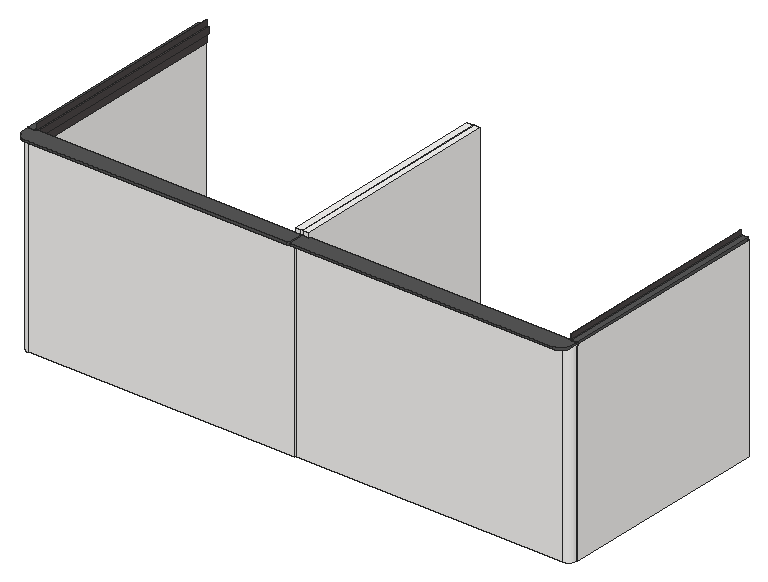
Revit family "vanity unit with 2 drawers for consoles with countertop basin ground", category Furniture, Revit 2019 (continued)
Definition of nested family "vanity unit 1560_550 with 2 drawers for consoles with countertop basin ground-54073670-dark walnut-matt_black-400_conten"
  Forms (mm)
    Extrusion 12, solid, visible <- "ContentVisible", detail levels medium+fine
      sketch origin (-1.5, 0, 0) x (0, 0, -1) y (0, 1, 0)
        loop
          line (-480, -528.5) -> (-480, -530) -> (-450, -530) -> (-450, -528.5) -> (-480, -528.5)
      from -764 to 0
    Extrusion 13, solid, visible <- "ContentVisible", detail levels medium+fine
      sketch origin (1.5, 0, 0) x (0, 0, -1) y (0, 1, 0)
        loop
          line (-480, -528.5) -> (-480, -530) -> (-450, -530) -> (-450, -528.5) -> (-480, -528.5)
      from 0 to 764
    Extrusion 14, solid, visible <- "ContentVisible", detail levels medium+fine
      sketch origin (0, 0, 0) x (1, 0, 0) y (0, 0, -1)
        loop
          line (-764, -447) -> (-764, -485) -> (-762.5, -485) -> (-762.5, -447) -> (-764, -447)
      from -528.5 to 0
    Extrusion 15, solid, visible <- "ContentVisible", detail levels medium+fine
      sketch origin (0, 0, 0) x (1, 0, 0) y (0, 0, -1)
        loop
          line (762.5, -446.8) -> (762.5, -485) -> (764, -485) -> (764, -446.8) -> (762.5, -446.8)
      from -528.5 to 0
    Extrusion 16, solid, visible <- "ContentVisible", detail levels medium+fine
      sketch origin (0, 0, 480) x (1, 0, 0) y (0, 1, 0)
        loop
          line (-780, -3) -> (-780, -527)
          arc (-780, -527) -> (-779.121, -529.121) -> (-777, -530) r 3
          line (-777, -530) -> (-764, -530) -> (-764, 0) -> (-777, 0)
          arc (-777, 0) -> (-779.121, -0.879) -> (-780, -3) r 3
      from 0 to 5
    Extrusion 17, solid, visible <- "ContentVisible", detail levels medium+fine
      sketch origin (0, 0, 480) x (1, 0, 0) y (0, 1, 0)
        loop
          line (764, 0) -> (764, -530) -> (777, -530)
          arc (777, -530) -> (779.121, -529.121) -> (780, -527) r 3
          line (780, -527) -> (780, -3)
          arc (780, -3) -> (779.121, -0.879) -> (777, 0) r 3
          line (777, 0) -> (764, 0)
      from 0 to 5
    Extrusion 18, solid, visible <- "ContentVisible", detail levels medium+fine
      sketch origin (0, 0, 0) x (1, 0, 0) y (0, 0, -1)
        loop
          line (-762.5, -447) -> (-762.5, -496) -> (-761, -496) -> (-761, -483) -> (-756.4, -483) -> (-756.4, -468.5) -> (-761, -468.5) -> (-761, -447) -> (-762.5, -447)
      from -525 to 0
    Extrusion 19, solid, visible <- "ContentVisible", detail levels medium+fine
      sketch origin (0, 0, 0) x (1, 0, 0) y (0, 0, -1)
        loop
          line (756.4, -468.5) -> (756.4, -483) -> (761, -483) -> (761, -496) -> (762.5, -496) -> (762.5, -447) -> (761, -447) -> (761, -468.5) -> (756.4, -468.5)
      from -525 to 0
    Extrusion 20, solid, visible <- "ContentVisible", detail levels medium+fine
      sketch origin (0, 0, 0) x (0, 0, -1) y (0, 1, 0)
        loop
          line (-440, -477) -> (-440, -493) -> (-366, -493) -> (-366, -477) -> (-440, -477)
      from -764 to 764
    Extrusion 21, solid, visible <- "ContentVisible", detail levels coarse
      sketch origin (0, -285.5, 0) x (1, 0, 0) y (0, 1, 0)
        loop
          line (-780, -285.5) -> (780, -285.5) -> (780, 285.5) -> (-780, 285.5) -> (-780, -285.5)
      from 0 to 496
  Dimensions and locks
    aligned and locked: level to plane 2
Definition of nested family "vanity unit 1560_550 with 2 drawers for consoles with countertop basin ground-54073700-dark walnut-matt_white-200_conten"
  Parameters (values of type "Vanity unit 1560_550 with 2 drawers for consoles with countertop basin ground-54073700-Dark Walnut-MATT_WHITE-200_Conten")
    etim7_EC011381 = "EC011381"
    WEIGHT = "49.1"
    UNSPSC = "56 | Furniture and Furnishings"
    UNIFORMATII = "E2010 | Fixed Furnishings"
    UNICLASS_2015_CODE = "40_30_78_05"
    UNICLASS2015 = "Pr_40_30_78_05 | Bathroom furniture"
    SURFACE = "MATT_WHITE"
    REGIONSET = "Worldwide"
    PRODUCTURL = "https://pro.hansgrohe.com/articledetail--54073000"
    PRODUCTGROUP = "vanity unit"
    PRODUCTFAMILY = "Xelu Q"
    PERMALINK = "54073XXX"
    OMNICLASS = "23-21 19 15 33 13 | Residential Bathroom Specialty Casework"
    OBJECTTYPE = "Object (single object)"
    OBERFLAECHE = "Dark Walnut"
    NN = "Vanity Unit with 2 Drawers for consoles with countertop basin ground"
    NBSYN = "$BASENUMBER.-$ARTNR.-$OBERFLAECHE.-$SURFACE.-$LODLEVEL."
    NB = "Vanity unit 1560/550 with 2 drawers for consoles with countertop basin ground-54073700-Dark Walnut-MATT_WHITE-200"
    NAME = "Xelu Q Vanity unit Dark Walnut 1560/550 with 2 drawers for consoles with countertop basin ground"
    Model = "Vanity unit 1560/550 with 2 drawers for consoles with countertop basin ground-54073700-Dark Walnut-MATT_WHITE-200"
    Manufacturer = "Hansgrohe"
    MASTERFORMAT = "12 35 30.23 | Bathroom Casework"
    LODLEVEL = "200"
    LINA = "Vanity unit 1560/550 with 2 drawers for consoles with countertop basin ground-54073700-Dark Walnut-MATT_WHITE-200"
    L = 1560
    IFC = "Furnishing element"
    GTINCODE = "4059625456569"
    ETIM = "EC011381 | Bathroom furniture set"
    Default Elevation = 1219.2 mm
    DESIGN = "Germany"
    ContentVisible [instance] = yes
    CATALOG = "Hansgrohe"
    BIMOBJECT = "Sanitary: Compound units"
    BASENUMBER = "Vanity unit 1560/550 with 2 drawers for consoles with countertop basin ground"
    ARTNR = "54073700"
  Reference planes
    plane 1 "Center (Front/Back)": y = 0
    plane 2: z = 0
    plane 3 "Center (Left/Right)": x = 0
  Forms (mm)
    Extrusion 1, solid, visible <- "ContentVisible", detail levels medium+fine
      sketch origin (0, 0, 0) x (1, 0, 0) y (0, 1, 0)
        loop
          line (-780, 0) -> (-780, -551) -> (780, -551) -> (780, 0) -> (764, 0) -> (764, -117) -> (-764, -117) -> (-764, 0) -> (-780, 0)
      from 0 to 480
    Extrusion 2, solid, visible <- "ContentVisible", detail levels medium+fine
      sketch origin (0, 0, 480) x (1, 0, 0) y (0, 1, 0)
        loop
          line (-778.5, -528.5) -> (-778.5, -571) -> (778.5, -571) -> (778.5, -528.5) -> (-778.5, -528.5)
      from 0 to 5
    Extrusion 3, solid, visible <- "ContentVisible", detail levels medium+fine
      sketch origin (0, 0, 0) x (1, 0, 0) y (0, 0, -1)
        loop
          line (-764, -447) -> (-764, -485) -> (-762.5, -485) -> (-762.5, -447) -> (-764, -447)
      from -528.5 to 0
    Extrusion 4, solid, visible <- "ContentVisible", detail levels medium+fine
      sketch origin (0, 0, 0) x (1, 0, 0) y (0, 0, -1)
        loop
          line (762.5, -446.8) -> (762.5, -485) -> (764, -485) -> (764, -446.8) -> (762.5, -446.8)
      from -528.5 to 0
    Extrusion 5, solid, visible <- "ContentVisible", detail levels medium+fine
      sketch origin (0, 0, 480) x (1, 0, 0) y (0, 1, 0)
        loop
          line (-780, 0) -> (-780, -530) -> (-764, -530) -> (-764, 0) -> (-780, 0)
      from 0 to 5
    Extrusion 6, solid, visible <- "ContentVisible", detail levels medium+fine
      sketch origin (0, 0, 480) x (1, 0, 0) y (0, 1, 0)
        loop
          line (764, 0) -> (764, -530) -> (780, -530) -> (780, 0) -> (764, 0)
      from 0 to 5
    Extrusion 7, solid, visible <- "ContentVisible", detail levels medium+fine
      sketch origin (0, 0, 0) x (1, 0, 0) y (0, 0, -1)
        loop
          line (-762.5, -447) -> (-762.5, -496) -> (-756.4, -496) -> (-756.4, -447) -> (-762.5, -447)
      from -528.5 to 0
    Extrusion 8, solid, visible <- "ContentVisible", detail levels medium+fine
      sketch origin (0, 0, 0) x (1, 0, 0) y (0, 0, -1)
        loop
          line (756.4, -447) -> (756.4, -496) -> (762.5, -496) -> (762.5, -447) -> (756.4, -447)
      from -528.5 to 0
    Extrusion 9, solid, visible <- "ContentVisible", detail levels coarse
      sketch origin (0, -285.5, 0) x (1, 0, 0) y (0, 1, 0)
        loop
          line (-780, -285.5) -> (780, -285.5) -> (780, 285.5) -> (-780, 285.5) -> (-780, -285.5)
      from 0 to 496
  Dimensions and locks
    aligned and locked: level to plane 2
Definition of nested family "vanity unit 1560_550 with 2 drawers for consoles with countertop basin ground-54073700-dark walnut-matt_white-400_conten"
  Parameters (values of type "Vanity unit 1560_550 with 2 drawers for consoles with countertop basin ground-54073700-Dark Walnut-MATT_WHITE-400_Conten")
    etim7_EC011381 = "EC011381"
    WEIGHT = "49.1"
    UNSPSC = "56 | Furniture and Furnishings"
    UNIFORMATII = "E2010 | Fixed Furnishings"
    UNICLASS_2015_CODE = "40_30_78_05"
    UNICLASS2015 = "Pr_40_30_78_05 | Bathroom furniture"
    SURFACE = "MATT_WHITE"
    REGIONSET = "Worldwide"
    PRODUCTURL = "https://pro.hansgrohe.com/articledetail--54073000"
    PRODUCTGROUP = "vanity unit"
    PRODUCTFAMILY = "Xelu Q"
    PERMALINK = "54073XXX"
    OMNICLASS = "23-21 19 15 33 13 | Residential Bathroom Specialty Casework"
    OBJECTTYPE = "Object (single object)"
    OBERFLAECHE = "Dark Walnut"
    NN = "Vanity Unit with 2 Drawers for consoles with countertop basin ground"
    NBSYN = "$BASENUMBER.-$ARTNR.-$OBERFLAECHE.-$SURFACE.-$LODLEVEL."
    NB = "Vanity unit 1560/550 with 2 drawers for consoles with countertop basin ground-54073700-Dark Walnut-MATT_WHITE-400"
    NAME = "Xelu Q Vanity unit Dark Walnut 1560/550 with 2 drawers for consoles with countertop basin ground"
    Model = "Vanity unit 1560/550 with 2 drawers for consoles with countertop basin ground-54073700-Dark Walnut-MATT_WHITE-400"
    Manufacturer = "Hansgrohe"
    MASTERFORMAT = "12 35 30.23 | Bathroom Casework"
    LODLEVEL = "400"
    LINA = "Vanity unit 1560/550 with 2 drawers for consoles with countertop basin ground-54073700-Dark Walnut-MATT_WHITE-400"
    L = 1560
    IFC = "Furnishing element"
    GTINCODE = "4059625456569"
    ETIM = "EC011381 | Bathroom furniture set"
    Default Elevation = 1219.2 mm
    DESIGN = "Germany"
    ContentVisible [instance] = yes
    CATALOG = "Hansgrohe"
    BIMOBJECT = "Sanitary: Compound units"
    BASENUMBER = "Vanity unit 1560/550 with 2 drawers for consoles with countertop basin ground"
    ARTNR = "54073700"
  Reference planes
    plane 1 "Center (Front/Back)": y = 0
    plane 2: z = 0
    plane 3 "Center (Left/Right)": x = 0
  Forms (mm)
    Extrusion 1, solid, visible <- "ContentVisible", detail levels medium+fine
      sketch origin (0, 0, 0) x (1, 0, 0) y (0, 1, 0)
        loop
          line (-780, 0) -> (-780, -527)
          arc (-780, -527) -> (-779.121, -529.121) -> (-777, -530) r 3
          line (-777, -530) -> (-764, -530) -> (-764, 0) -> (-780, 0)
      from 0 to 480
    Extrusion 2, solid, visible <- "ContentVisible", detail levels medium+fine
      sketch origin (0, 0, 0) x (1, 0, 0) y (0, 1, 0)
        loop
          line (-764, -133) -> (-764, -499.5) -> (-16, -499.5) -> (-16, -133) -> (-764, -133)
      from 0 to 16
    Extrusion 3, solid, visible <- "ContentVisible", detail levels medium+fine
      sketch origin (0, 0, 0) x (1, 0, 0) y (0, 1, 0)
        loop
          line (-16, 0) -> (-16, -530) -> (-3, -530)
          arc (-3, -530) -> (-0.879, -529.121) -> (0, -527) r 3
          line (0, -527) -> (0, 0) -> (-16, 0)
      from 0 to 496
    Extrusion 4, solid, visible <- "ContentVisible", detail levels medium+fine
      sketch origin (0, 0, 0) x (1, 0, 0) y (0, 1, 0)
        loop
          line (0, 0) -> (0, -527)
          arc (0, -527) -> (0.879, -529.121) -> (3, -530) r 3
          line (3, -530) -> (16, -530) -> (16, 0) -> (0, 0)
      from 0 to 496
    Extrusion 5, solid, visible <- "ContentVisible", detail levels medium+fine
      sketch origin (0, 0, 0) x (1, 0, 0) y (0, 1, 0)
        loop
          line (16, -499.5) -> (764, -499.5) -> (764, -133) -> (16, -133) -> (16, -499.5)
      from 0 to 16
    Extrusion 6, solid, visible <- "ContentVisible", detail levels medium+fine
      sketch origin (0, 0, 0) x (1, 0, 0) y (0, 1, 0)
        loop
          line (764, 0) -> (764, -530) -> (777, -530)
          arc (777, -530) -> (779.121, -529.121) -> (780, -527) r 3
          line (780, -527) -> (780, 0) -> (764, 0)
      from 0 to 480
    Extrusion 7, solid, visible <- "ContentVisible", detail levels medium+fine
      sketch origin (0, 0, 0) x (1, 0, 0) y (0, 1, 0)
        loop
          line (-764, -117) -> (-764, -133) -> (764, -133) -> (764, -117) -> (-764, -117)
      from 0 to 126
    Extrusion 8, solid, visible <- "ContentVisible", detail levels medium+fine
      sketch origin (0, 0, 2) x (1, 0, 0) y (0, 1, 0)
        loop
          arc (-780, -532) -> (-774.435, -545.435) -> (-761, -551) r 19
          line (-761, -551) -> (-2.5, -551)
          arc (-2.5, -551) -> (-1.793, -550.707) -> (-1.5, -550) r 1
          line (-1.5, -550) -> (-1.5, -530) -> (-780, -530) -> (-780, -532)
      from 0 to 478
    Extrusion 9, solid, visible <- "ContentVisible", detail levels medium+fine
      sketch origin (0, 0, 2) x (1, 0, 0) y (0, 1, 0)
        loop
          arc (1.5, -550) -> (1.793, -550.707) -> (2.5, -551) r 1
          line (2.5, -551) -> (761, -551)
          arc (761, -551) -> (774.435, -545.435) -> (780, -532) r 19
          line (780, -532) -> (780, -530) -> (1.5, -530) -> (1.5, -550)
      from 0 to 478
    Extrusion 10, solid, visible <- "ContentVisible", detail levels medium+fine
      sketch origin (0, 0, 480) x (1, 0, 0) y (0, 1, 0)
        loop
          line (-778.5, -530) -> (-778.5, -546)
          arc (-778.5, -546) -> (-771.178, -563.678) -> (-753.5, -571) r 25
          line (-753.5, -571) -> (-4.5, -571)
          arc (-4.5, -571) -> (-2.379, -570.121) -> (-1.5, -568) r 3
          line (-1.5, -568) -> (-1.5, -528.5) -> (-758.5, -528.5) -> (-758.5, -530) -> (-778.5, -530)
      from 0 to 5
    Extrusion 11, solid, visible <- "ContentVisible", detail levels medium+fine
      sketch origin (0, 0, 480) x (1, 0, 0) y (0, 1, 0)
        loop
          arc (1.5, -568) -> (2.379, -570.121) -> (4.5, -571) r 3
          line (4.5, -571) -> (753.5, -571)
          arc (753.5, -571) -> (771.178, -563.678) -> (778.5, -546) r 25
          line (778.5, -546) -> (778.5, -530) -> (758.5, -530) -> (758.5, -528.5) -> (1.5, -528.5) -> (1.5, -568)
      from 0 to 5
    Extrusion 12, solid, visible <- "ContentVisible", detail levels medium+fine
      sketch origin (-1.5, 0, 0) x (0, 0, -1) y (0, 1, 0)
        loop
          line (-480, -528.5) -> (-480, -530) -> (-450, -530) -> (-450, -528.5) -> (-480, -528.5)
      from -764 to 0
    Extrusion 13, solid, visible <- "ContentVisible", detail levels medium+fine
      sketch origin (1.5, 0, 0) x (0, 0, -1) y (0, 1, 0)
        loop
          line (-480, -528.5) -> (-480, -530) -> (-450, -530) -> (-450, -528.5) -> (-480, -528.5)
      from 0 to 764
    Extrusion 14, solid, visible <- "ContentVisible", detail levels medium+fine
      sketch origin (0, 0, 0) x (1, 0, 0) y (0, 0, -1)
        loop
          line (-764, -447) -> (-764, -485) -> (-762.5, -485) -> (-762.5, -447) -> (-764, -447)
      from -528.5 to 0
    Extrusion 15, solid, visible <- "ContentVisible", detail levels medium+fine
      sketch origin (0, 0, 0) x (1, 0, 0) y (0, 0, -1)
        loop
          line (762.5, -446.8) -> (762.5, -485) -> (764, -485) -> (764, -446.8) -> (762.5, -446.8)
      from -528.5 to 0
    Extrusion 16, solid, visible <- "ContentVisible", detail levels medium+fine
      sketch origin (0, 0, 480) x (1, 0, 0) y (0, 1, 0)
        loop
          line (-780, -3) -> (-780, -527)
          arc (-780, -527) -> (-779.121, -529.121) -> (-777, -530) r 3
          line (-777, -530) -> (-764, -530) -> (-764, 0) -> (-777, 0)
          arc (-777, 0) -> (-779.121, -0.879) -> (-780, -3) r 3
      from 0 to 5
    Extrusion 17, solid, visible <- "ContentVisible", detail levels medium+fine
      sketch origin (0, 0, 480) x (1, 0, 0) y (0, 1, 0)
        loop
          line (764, 0) -> (764, -530) -> (777, -530)
          arc (777, -530) -> (779.121, -529.121) -> (780, -527) r 3
          line (780, -527) -> (780, -3)
          arc (780, -3) -> (779.121, -0.879) -> (777, 0) r 3
          line (777, 0) -> (764, 0)
      from 0 to 5
    Extrusion 18, solid, visible <- "ContentVisible", detail levels medium+fine
      sketch origin (0, 0, 0) x (1, 0, 0) y (0, 0, -1)
        loop
          line (-762.5, -447) -> (-762.5, -496) -> (-761, -496) -> (-761, -483) -> (-756.4, -483) -> (-756.4, -468.5) -> (-761, -468.5) -> (-761, -447) -> (-762.5, -447)
      from -525 to 0
    Extrusion 19, solid, visible <- "ContentVisible", detail levels medium+fine
      sketch origin (0, 0, 0) x (1, 0, 0) y (0, 0, -1)
        loop
          line (756.4, -468.5) -> (756.4, -483) -> (761, -483) -> (761, -496) -> (762.5, -496) -> (762.5, -447) -> (761, -447) -> (761, -468.5) -> (756.4, -468.5)
      from -525 to 0
    Extrusion 20, solid, visible <- "ContentVisible", detail levels medium+fine
      sketch origin (0, 0, 0) x (0, 0, -1) y (0, 1, 0)
        loop
          line (-440, -477) -> (-440, -493) -> (-366, -493) -> (-366, -477) -> (-440, -477)
      from -764 to 764
    Extrusion 21, solid, visible <- "ContentVisible", detail levels coarse
      sketch origin (0, -285.5, 0) x (1, 0, 0) y (0, 1, 0)
        loop
          line (-780, -285.5) -> (780, -285.5) -> (780, 285.5) -> (-780, 285.5) -> (-780, -285.5)
      from 0 to 496
  Dimensions and locks
    aligned and locked: level to plane 2
Types (48, lengths in mm): name | WEIGHT | Vanity unit 1560_550 with 2 drawers for consoles with countertop basin ground-54073700-Dark Walnut-MATT_WHITE-400_RX0RY0RZ0TX0TY0TZ0_V | Vanity unit 1560_550 with 2 drawers for consoles with countertop basin ground-54073700-Dark Walnut-MATT_WHITE-200_RX0RY0RZ0TX0TY0TZ0_V | Vanity unit 1560_550 with 2 drawers for consoles with countertop basin ground-54073670-Dark Walnut-MATT_BLACK-400_RX0RY0RZ0TX0TY0TZ0_V | Vanity unit 1560_550 with 2 drawers for consoles with countertop basin ground-54073670-Dark Walnut-MATT_BLACK-200_RX0RY0RZ0TX0TY0TZ0_V | Vanity unit 1560_550 with 2 drawers for consoles with countertop basin ground-54073000-Dark Walnut-CHROME-400_RX0RY0RZ0TX0TY0TZ0_V | Vanity unit 1560_550 with 2 drawers for consoles with countertop basin ground-54073000-Dark Walnut-CHROME-200_RX0RY0RZ0TX0TY0TZ0_V | Vanity unit 1560_550 with 2 drawers for consoles with countertop basin ground-54072700-Natural Oak-MATT_WHITE-400_RX0RY0RZ0TX0TY0TZ0_V | Vanity unit 1560_550 with 2 drawers for consoles with countertop basin ground-54072700-Natural Oak-MATT_WHITE-200_RX0RY0RZ0TX0TY0TZ0_V | Vanity unit 1560_550 with 2 drawers for consoles with countertop basin ground-54072670-Natural Oak-MATT_BLACK-400_RX0RY0RZ0TX0TY0TZ0_V | Vanity unit 1560_550 with 2 drawers for consoles with countertop basin ground-54072670-Natural Oak-MATT_BLACK-200_RX0RY0RZ0TX0TY0TZ0_V | Vanity unit 1560_550 with 2 drawers for consoles with countertop basin ground-54072000-Natural Oak-CHROME-400_RX0RY0RZ0TX0TY0TZ0_V | Vanity unit 1560_550 with 2 drawers for consoles with countertop basin ground-54072000-Natural Oak-CHROME-200_RX0RY0RZ0TX0TY0TZ0_V | Vanity unit 1560_550 with 2 drawers for consoles with countertop basin ground-54071700-Diamond Matt Grey-MATT_WHITE-400_RX0RY0RZ0TX0TY0TZ0_V | Vanity unit 1560_550 with 2 drawers for consoles with countertop basin ground-54071700-Diamond Matt Grey-MATT_WHITE-200_RX0RY0RZ0TX0TY0TZ0_V | Vanity unit 1560_550 with 2 drawers for consoles with countertop basin ground-54071670-Diamond Matt Grey-MATT_BLACK-400_RX0RY0RZ0TX0TY0TZ0_V | Vanity unit 1560_550 with 2 drawers for consoles with countertop basin ground-54071670-Diamond Matt Grey-MATT_BLACK-200_RX0RY0RZ0TX0TY0TZ0_V | Vanity unit 1560_550 with 2 drawers for consoles with countertop basin ground-54071000-Diamond Matt Grey-CHROME-400_RX0RY0RZ0TX0TY0TZ0_V | Vanity unit 1560_550 with 2 drawers for consoles with countertop basin ground-54071000-Diamond Matt Grey-CHROME-200_RX0RY0RZ0TX0TY0TZ0_V | Vanity unit 1560_550 with 2 drawers for consoles with countertop basin ground-54070700-High Gloss White-MATT_WHITE-400_RX0RY0RZ0TX0TY0TZ0_V | Vanity unit 1560_550 with 2 drawers for consoles with countertop basin ground-54070700-High Gloss White-MATT_WHITE-200_RX0RY0RZ0TX0TY0TZ0_V | Vanity unit 1560_550 with 2 drawers for consoles with countertop basin ground-54070670-High Gloss White-MATT_BLACK-400_RX0RY0RZ0TX0TY0TZ0_V | Vanity unit 1560_550 with 2 drawers for consoles with countertop basin ground-54070670-High Gloss White-MATT_BLACK-200_RX0RY0RZ0TX0TY0TZ0_V | Vanity unit 1560_550 with 2 drawers for consoles with countertop basin ground-54070000-High Gloss White-CHROME-400_RX0RY0RZ0TX0TY0TZ0_V | Vanity unit 1560_550 with 2 drawers for consoles with countertop basin ground-54070000-High Gloss White-CHROME-200_RX0RY0RZ0TX0TY0TZ0_V | Vanity unit 1360_550 with 2 drawers for consoles with countertop basin ground-54069700-Dark Walnut-MATT_WHITE-400_RX0RY0RZ0TX0TY0TZ0_V | Vanity unit 1360_550 with 2 drawers for consoles with countertop basin ground-54069700-Dark Walnut-MATT_WHITE-200_RX0RY0RZ0TX0TY0TZ0_V | Vanity unit 1360_550 with 2 drawers for consoles with countertop basin ground-54069670-Dark Walnut-MATT_BLACK-400_RX0RY0RZ0TX0TY0TZ0_V | Vanity unit 1360_550 with 2 drawers for consoles with countertop basin ground-54069670-Dark Walnut-MATT_BLACK-200_RX0RY0RZ0TX0TY0TZ0_V | Vanity unit 1360_550 with 2 drawers for consoles with countertop basin ground-54069000-Dark Walnut-CHROME-400_RX0RY0RZ0TX0TY0TZ0_V | Vanity unit 1360_550 with 2 drawers for consoles with countertop basin ground-54069000-Dark Walnut-CHROME-200_RX0RY0RZ0TX0TY0TZ0_V | Vanity unit 1360_550 with 2 drawers for consoles with countertop basin ground-54068700-Natural Oak-MATT_WHITE-400_RX0RY0RZ0TX0TY0TZ0_V | Vanity unit 1360_550 with 2 drawers for consoles with countertop basin ground-54068700-Natural Oak-MATT_WHITE-200_RX0RY0RZ0TX0TY0TZ0_V | Vanity unit 1360_550 with 2 drawers for consoles with countertop basin ground-54068670-Natural Oak-MATT_BLACK-400_RX0RY0RZ0TX0TY0TZ0_V | Vanity unit 1360_550 with 2 drawers for consoles with countertop basin ground-54068670-Natural Oak-MATT_BLACK-200_RX0RY0RZ0TX0TY0TZ0_V | Vanity unit 1360_550 with 2 drawers for consoles with countertop basin ground-54068000-Natural Oak-CHROME-400_RX0RY0RZ0TX0TY0TZ0_V | Vanity unit 1360_550 with 2 drawers for consoles with countertop basin ground-54068000-Natural Oak-CHROME-200_RX0RY0RZ0TX0TY0TZ0_V | Vanity unit 1360_550 with 2 drawers for consoles with countertop basin ground-54067700-Diamond Matt Grey-MATT_WHITE-400_RX0RY0RZ0TX0TY0TZ0_V | Vanity unit 1360_550 with 2 drawers for consoles with countertop basin ground-54067700-Diamond Matt Grey-MATT_WHITE-200_RX0RY0RZ0TX0TY0TZ0_V | Vanity unit 1360_550 with 2 drawers for consoles with countertop basin ground-54067670-Diamond Matt Grey-MATT_BLACK-400_RX0RY0RZ0TX0TY0TZ0_V | Vanity unit 1360_550 with 2 drawers for consoles with countertop basin ground-54067670-Diamond Matt Grey-MATT_BLACK-200_RX0RY0RZ0TX0TY0TZ0_V | Vanity unit 1360_550 with 2 drawers for consoles with countertop basin ground-54067000-Diamond Matt Grey-CHROME-400_RX0RY0RZ0TX0TY0TZ0_V | Vanity unit 1360_550 with 2 drawers for consoles with countertop basin ground-54067000-Diamond Matt Grey-CHROME-200_RX0RY0RZ0TX0TY0TZ0_V | Vanity unit 1360_550 with 2 drawers for consoles with countertop basin ground-54066700-High Gloss White-MATT_WHITE-400_RX0RY0RZ0TX0TY0TZ0_V | Vanity unit 1360_550 with 2 drawers for consoles with countertop basin ground-54066700-High Gloss White-MATT_WHITE-200_RX0RY0RZ0TX0TY0TZ0_V | Vanity unit 1360_550 with 2 drawers for consoles with countertop basin ground-54066670-High Gloss White-MATT_BLACK-400_RX0RY0RZ0TX0TY0TZ0_V | Vanity unit 1360_550 with 2 drawers for consoles with countertop basin ground-54066670-High Gloss White-MATT_BLACK-200_RX0RY0RZ0TX0TY0TZ0_V | Vanity unit 1360_550 with 2 drawers for consoles with countertop basin ground-54066000-High Gloss White-CHROME-400_RX0RY0RZ0TX0TY0TZ0_V | Vanity unit 1360_550 with 2 drawers for consoles with countertop basin ground-54066000-High Gloss White-CHROME-200_RX0RY0RZ0TX0TY0TZ0_V | SURFACE | PRODUCTURL | PERMALINK | OBERFLAECHE | NB | NAME | Model | MIdent | LODLEVEL | LINA | L | GTINCODE | BASENUMBER | ARTNR
  Vanity unit 1360_550 with 2 drawers for consoles with countertop basin ground-54066000-High Gloss White-CHROME-200 | "45.1" | no | no | no | no | no | no | no | no | no | no | no | no | no | no | no | no | no | no | no | no | no | no | no | no | no | no | no | no | no | no | no | no | no | no | no | no | no | no | no | no | no | no | no | no | no | no | no | yes | "CHROME" | "https://pro.hansgrohe.com/articledetail--54066000" | "54066XXX" | "High Gloss White" | "Vanity unit 1360/550 with 2 drawers for consoles with countertop basin ground-54066000-High Gloss White-CHROME-200" | "Xelu Q Vanity unit High Gloss White 1360/550 with 2 drawers for consoles with countertop basin ground" | "Vanity unit 1360/550 with 2 drawers for consoles with countertop basin ground-54066000-High Gloss White-CHROME-200" | "{$CADENAS_DATA/23d-libs/hansgrohe/xelu_furniture/vanity_unit_with_2_drawers_for_consoles_countertop/vanity_unit_2_drawers_for_consoles_countertop.prj},438 {VTYP=3D},{NB=Vanity unit 1360/550 with 2 drawers for consoles with countertop basin ground-54066000-High Gloss White-CHROME-200},{LINA=Vanity unit 1360/550 with 2 drawers for consoles with countertop basin ground-54066000-High Gloss White-CHROME-200},{NN=Vanity Unit with 2 Drawers for consoles with countertop basin ground},{DATE=13.03.2023 02:42:47},{GEOMDATE=08.03.2023 14:02:26},{VERSION=},{LINEID=30},{WBVAR=LODLEVEL},{WBNUMERIC=}  {NB=Vanity unit 1360/550 with 2 drawers for consoles with countertop basin ground-54066000-High Gloss White-CHROME-200},{LINA=Vanity unit 1360/550 with 2 drawers for consoles with countertop basin ground-54066000-High Gloss White-CHROME-200},{KT=DUMMY},{IDNR=3},{ARTNR=54066000},{BASENUMBER=Vanity unit 1360/550 with 2 drawers for consoles with countertop basin ground},{MODEL=54066XXX},{OBERFLAECHE=High Gloss White},{SURFACE=CHROME},{L=1360},{LODLEVEL=200},{LODLEVELX='400','400','200','200'},{NAME=Xelu Q Vanity unit High Gloss White 1360/550 with 2 drawers for consoles with countertop basin ground},{PERMALINK=54066XXX},{OBJECTTYPE=Object (single object)},{BIMOBJECT=Sanitary: Compound units},{PRODUCTFAMILY=Xelu Q},{PRODUCTGROUP=vanity unit},{WEIGHT=45.1},{DESCRIPTION=Xelu Q Vanity unit High Gloss White 1360/550 with 2 drawers for consoles with countertop basin ground},{SPECIFICATION=},{PRODUCTURL=https://pro.hansgrohe.com/articledetail--54066000},{GTINCODE=4059625456378},{TENDERURL=},{IFC=Furnishing element},{ETIM=EC011381 | Bathroom furniture set},{UNICLASS2015=Pr_40_30_78_05 | Bathroom furniture},{OMNICLASS=23-21 19 15 33 13 | Residential Bathroom Specialty Casework},{MASTERFORMAT=12 35 30.23 | Bathroom Casework},{UNSPSC=56 | Furniture and Furnishings},{UNIFORMATII=E2010 | Fixed Furnishings},{REGIONSET=Worldwide},{DESIGN=Germany},{MANUFACTURER=Germany}" | "200" | "Vanity unit 1360/550 with 2 drawers for consoles with countertop basin ground-54066000-High Gloss White-CHROME-200" | 1360 | "4059625456378" | "Vanity unit 1360/550 with 2 drawers for consoles with countertop basin ground" | "54066000"
  Vanity unit 1360_550 with 2 drawers for consoles with countertop basin ground-54066000-High Gloss White-CHROME-400 | "45.1" | no | no | no | no | no | no | no | no | no | no | no | no | no | no | no | no | no | no | no | no | no | no | no | no | no | no | no | no | no | no | no | no | no | no | no | no | no | no | no | no | no | no | no | no | no | no | yes | no | "CHROME" | "https://pro.hansgrohe.com/articledetail--54066000" | "54066XXX" | "High Gloss White" | "Vanity unit 1360/550 with 2 drawers for consoles with countertop basin ground-54066000-High Gloss White-CHROME-400" | "Xelu Q Vanity unit High Gloss White 1360/550 with 2 drawers for consoles with countertop basin ground" | "Vanity unit 1360/550 with 2 drawers for consoles with countertop basin ground-54066000-High Gloss White-CHROME-400" | "{$CADENAS_DATA/23d-libs/hansgrohe/xelu_furniture/vanity_unit_with_2_drawers_for_consoles_countertop/vanity_unit_2_drawers_for_consoles_countertop.prj},438 {VTYP=3D},{NB=Vanity unit 1360/550 with 2 drawers for consoles with countertop basin ground-54066000-High Gloss White-CHROME-400},{LINA=Vanity unit 1360/550 with 2 drawers for consoles with countertop basin ground-54066000-High Gloss White-CHROME-400},{NN=Vanity Unit with 2 Drawers for consoles with countertop basin ground},{DATE=13.03.2023 02:42:47},{GEOMDATE=08.03.2023 14:02:26},{VERSION=},{LINEID=30},{WBVAR=LODLEVEL},{WBNUMERIC=}  {NB=Vanity unit 1360/550 with 2 drawers for consoles with countertop basin ground-54066000-High Gloss White-CHROME-400},{LINA=Vanity unit 1360/550 with 2 drawers for consoles with countertop basin ground-54066000-High Gloss White-CHROME-400},{KT=DUMMY},{IDNR=3},{ARTNR=54066000},{BASENUMBER=Vanity unit 1360/550 with 2 drawers for consoles with countertop basin ground},{MODEL=54066XXX},{OBERFLAECHE=High Gloss White},{SURFACE=CHROME},{L=1360},{LODLEVEL=400},{LODLEVELX='400','400','200','200'},{NAME=Xelu Q Vanity unit High Gloss White 1360/550 with 2 drawers for consoles with countertop basin ground},{PERMALINK=54066XXX},{OBJECTTYPE=Object (single object)},{BIMOBJECT=Sanitary: Compound units},{PRODUCTFAMILY=Xelu Q},{PRODUCTGROUP=vanity unit},{WEIGHT=45.1},{DESCRIPTION=Xelu Q Vanity unit High Gloss White 1360/550 with 2 drawers for consoles with countertop basin ground},{SPECIFICATION=},{PRODUCTURL=https://pro.hansgrohe.com/articledetail--54066000},{GTINCODE=4059625456378},{TENDERURL=},{IFC=Furnishing element},{ETIM=EC011381 | Bathroom furniture set},{UNICLASS2015=Pr_40_30_78_05 | Bathroom furniture},{OMNICLASS=23-21 19 15 33 13 | Residential Bathroom Specialty Casework},{MASTERFORMAT=12 35 30.23 | Bathroom Casework},{UNSPSC=56 | Furniture and Furnishings},{UNIFORMATII=E2010 | Fixed Furnishings},{REGIONSET=Worldwide},{DESIGN=Germany},{MANUFACTURER=Germany}" | "400" | "Vanity unit 1360/550 with 2 drawers for consoles with countertop basin ground-54066000-High Gloss White-CHROME-400" | 1360 | "4059625456378" | "Vanity unit 1360/550 with 2 drawers for consoles with countertop basin ground" | "54066000"
  Vanity unit 1360_550 with 2 drawers for consoles with countertop basin ground-54066670-High Gloss White-MATT_BLACK-200 | "45.1" | no | no | no | no | no | no | no | no | no | no | no | no | no | no | no | no | no | no | no | no | no | no | no | no | no | no | no | no | no | no | no | no | no | no | no | no | no | no | no | no | no | no | no | no | no | yes | no | no | "MATT_BLACK" | "https://pro.hansgrohe.com/articledetail--54066000" | "54066XXX" | "High Gloss White" | "Vanity unit 1360/550 with 2 drawers for consoles with countertop basin ground-54066670-High Gloss White-MATT_BLACK-200" | "Xelu Q Vanity unit High Gloss White 1360/550 with 2 drawers for consoles with countertop basin ground" | "Vanity unit 1360/550 with 2 drawers for consoles with countertop basin ground-54066670-High Gloss White-MATT_BLACK-200" | "{$CADENAS_DATA/23d-libs/hansgrohe/xelu_furniture/vanity_unit_with_2_drawers_for_consoles_countertop/vanity_unit_2_drawers_for_consoles_countertop.prj},446 {VTYP=3D},{NB=Vanity unit 1360/550 with 2 drawers for consoles with countertop basin ground-54066670-High Gloss White-MATT_BLACK-200},{LINA=Vanity unit 1360/550 with 2 drawers for consoles with countertop basin ground-54066670-High Gloss White-MATT_BLACK-200},{NN=Vanity Unit with 2 Drawers for consoles with countertop basin ground},{DATE=13.03.2023 02:42:47},{GEOMDATE=08.03.2023 14:02:26},{VERSION=},{LINEID=20},{WBVAR=LODLEVEL},{WBNUMERIC=}  {NB=Vanity unit 1360/550 with 2 drawers for consoles with countertop basin ground-54066670-High Gloss White-MATT_BLACK-200},{LINA=Vanity unit 1360/550 with 2 drawers for consoles with countertop basin ground-54066670-High Gloss White-MATT_BLACK-200},{KT=DUMMY},{IDNR=2},{ARTNR=54066670},{BASENUMBER=Vanity unit 1360/550 with 2 drawers for consoles with countertop basin ground},{MODEL=54066XXX},{OBERFLAECHE=High Gloss White},{SURFACE=MATT_BLACK},{L=1360},{LODLEVEL=200},{LODLEVELX='400','400','200','200'},{NAME=Xelu Q Vanity unit High Gloss White 1360/550 with 2 drawers for consoles with countertop basin ground},{PERMALINK=54066XXX},{OBJECTTYPE=Object (single object)},{BIMOBJECT=Sanitary: Compound units},{PRODUCTFAMILY=Xelu Q},{PRODUCTGROUP=vanity unit},{WEIGHT=45.1},{DESCRIPTION=Xelu Q Vanity unit High Gloss White 1360/550 with 2 drawers for consoles with countertop basin ground},{SPECIFICATION=},{PRODUCTURL=https://pro.hansgrohe.com/articledetail--54066000},{GTINCODE=4059625456378},{TENDERURL=},{IFC=Furnishing element},{ETIM=EC011381 | Bathroom furniture set},{UNICLASS2015=Pr_40_30_78_05 | Bathroom furniture},{OMNICLASS=23-21 19 15 33 13 | Residential Bathroom Specialty Casework},{MASTERFORMAT=12 35 30.23 | Bathroom Casework},{UNSPSC=56 | Furniture and Furnishings},{UNIFORMATII=E2010 | Fixed Furnishings},{REGIONSET=Worldwide},{DESIGN=Germany},{MANUFACTURER=Germany}" | "200" | "Vanity unit 1360/550 with 2 drawers for consoles with countertop basin ground-54066670-High Gloss White-MATT_BLACK-200" | 1360 | "4059625456378" | "Vanity unit 1360/550 with 2 drawers for consoles with countertop basin ground" | "54066670"
  Vanity unit 1360_550 with 2 drawers for consoles with countertop basin ground-54066670-High Gloss White-MATT_BLACK-400 | "45.1" | no | no | no | no | no | no | no | no | no | no | no | no | no | no | no | no | no | no | no | no | no | no | no | no | no | no | no | no | no | no | no | no | no | no | no | no | no | no | no | no | no | no | no | no | yes | no | no | no | "MATT_BLACK" | "https://pro.hansgrohe.com/articledetail--54066000" | "54066XXX" | "High Gloss White" | "Vanity unit 1360/550 with 2 drawers for consoles with countertop basin ground-54066670-High Gloss White-MATT_BLACK-400" | "Xelu Q Vanity unit High Gloss White 1360/550 with 2 drawers for consoles with countertop basin ground" | "Vanity unit 1360/550 with 2 drawers for consoles with countertop basin ground-54066670-High Gloss White-MATT_BLACK-400" | "{$CADENAS_DATA/23d-libs/hansgrohe/xelu_furniture/vanity_unit_with_2_drawers_for_consoles_countertop/vanity_unit_2_drawers_for_consoles_countertop.prj},446 {VTYP=3D},{NB=Vanity unit 1360/550 with 2 drawers for consoles with countertop basin ground-54066670-High Gloss White-MATT_BLACK-400},{LINA=Vanity unit 1360/550 with 2 drawers for consoles with countertop basin ground-54066670-High Gloss White-MATT_BLACK-400},{NN=Vanity Unit with 2 Drawers for consoles with countertop basin ground},{DATE=13.03.2023 02:42:47},{GEOMDATE=08.03.2023 14:02:26},{VERSION=},{LINEID=20},{WBVAR=LODLEVEL},{WBNUMERIC=}  {NB=Vanity unit 1360/550 with 2 drawers for consoles with countertop basin ground-54066670-High Gloss White-MATT_BLACK-400},{LINA=Vanity unit 1360/550 with 2 drawers for consoles with countertop basin ground-54066670-High Gloss White-MATT_BLACK-400},{KT=DUMMY},{IDNR=2},{ARTNR=54066670},{BASENUMBER=Vanity unit 1360/550 with 2 drawers for consoles with countertop basin ground},{MODEL=54066XXX},{OBERFLAECHE=High Gloss White},{SURFACE=MATT_BLACK},{L=1360},{LODLEVEL=400},{LODLEVELX='400','400','200','200'},{NAME=Xelu Q Vanity unit High Gloss White 1360/550 with 2 drawers for consoles with countertop basin ground},{PERMALINK=54066XXX},{OBJECTTYPE=Object (single object)},{BIMOBJECT=Sanitary: Compound units},{PRODUCTFAMILY=Xelu Q},{PRODUCTGROUP=vanity unit},{WEIGHT=45.1},{DESCRIPTION=Xelu Q Vanity unit High Gloss White 1360/550 with 2 drawers for consoles with countertop basin ground},{SPECIFICATION=},{PRODUCTURL=https://pro.hansgrohe.com/articledetail--54066000},{GTINCODE=4059625456378},{TENDERURL=},{IFC=Furnishing element},{ETIM=EC011381 | Bathroom furniture set},{UNICLASS2015=Pr_40_30_78_05 | Bathroom furniture},{OMNICLASS=23-21 19 15 33 13 | Residential Bathroom Specialty Casework},{MASTERFORMAT=12 35 30.23 | Bathroom Casework},{UNSPSC=56 | Furniture and Furnishings},{UNIFORMATII=E2010 | Fixed Furnishings},{REGIONSET=Worldwide},{DESIGN=Germany},{MANUFACTURER=Germany}" | "400" | "Vanity unit 1360/550 with 2 drawers for consoles with countertop basin ground-54066670-High Gloss White-MATT_BLACK-400" | 1360 | "4059625456378" | "Vanity unit 1360/550 with 2 drawers for consoles with countertop basin ground" | "54066670"
  Vanity unit 1360_550 with 2 drawers for consoles with countertop basin ground-54066700-High Gloss White-MATT_WHITE-200 | "45.1" | no | no | no | no | no | no | no | no | no | no | no | no | no | no | no | no | no | no | no | no | no | no | no | no | no | no | no | no | no | no | no | no | no | no | no | no | no | no | no | no | no | no | no | yes | no | no | no | no | "MATT_WHITE" | "https://pro.hansgrohe.com/articledetail--54066000" | "54066XXX" | "High Gloss White" | "Vanity unit 1360/550 with 2 drawers for consoles with countertop basin ground-54066700-High Gloss White-MATT_WHITE-200" | "Xelu Q Vanity unit High Gloss White 1360/550 with 2 drawers for consoles with countertop basin ground" | "Vanity unit 1360/550 with 2 drawers for consoles with countertop basin ground-54066700-High Gloss White-MATT_WHITE-200" | "{$CADENAS_DATA/23d-libs/hansgrohe/xelu_furniture/vanity_unit_with_2_drawers_for_consoles_countertop/vanity_unit_2_drawers_for_consoles_countertop.prj},446 {VTYP=3D},{NB=Vanity unit 1360/550 with 2 drawers for consoles with countertop basin ground-54066700-High Gloss White-MATT_WHITE-200},{LINA=Vanity unit 1360/550 with 2 drawers for consoles with countertop basin ground-54066700-High Gloss White-MATT_WHITE-200},{NN=Vanity Unit with 2 Drawers for consoles with countertop basin ground},{DATE=13.03.2023 02:42:47},{GEOMDATE=08.03.2023 14:02:26},{VERSION=},{LINEID=10},{WBVAR=LODLEVEL},{WBNUMERIC=}  {NB=Vanity unit 1360/550 with 2 drawers for consoles with countertop basin ground-54066700-High Gloss White-MATT_WHITE-200},{LINA=Vanity unit 1360/550 with 2 drawers for consoles with countertop basin ground-54066700-High Gloss White-MATT_WHITE-200},{KT=DUMMY},{IDNR=1},{ARTNR=54066700},{BASENUMBER=Vanity unit 1360/550 with 2 drawers for consoles with countertop basin ground},{MODEL=54066XXX},{OBERFLAECHE=High Gloss White},{SURFACE=MATT_WHITE},{L=1360},{LODLEVEL=200},{LODLEVELX='400','400','200','200'},{NAME=Xelu Q Vanity unit High Gloss White 1360/550 with 2 drawers for consoles with countertop basin ground},{PERMALINK=54066XXX},{OBJECTTYPE=Object (single object)},{BIMOBJECT=Sanitary: Compound units},{PRODUCTFAMILY=Xelu Q},{PRODUCTGROUP=vanity unit},{WEIGHT=45.1},{DESCRIPTION=Xelu Q Vanity unit High Gloss White 1360/550 with 2 drawers for consoles with countertop basin ground},{SPECIFICATION=},{PRODUCTURL=https://pro.hansgrohe.com/articledetail--54066000},{GTINCODE=4059625456378},{TENDERURL=},{IFC=Furnishing element},{ETIM=EC011381 | Bathroom furniture set},{UNICLASS2015=Pr_40_30_78_05 | Bathroom furniture},{OMNICLASS=23-21 19 15 33 13 | Residential Bathroom Specialty Casework},{MASTERFORMAT=12 35 30.23 | Bathroom Casework},{UNSPSC=56 | Furniture and Furnishings},{UNIFORMATII=E2010 | Fixed Furnishings},{REGIONSET=Worldwide},{DESIGN=Germany},{MANUFACTURER=Germany}" | "200" | "Vanity unit 1360/550 with 2 drawers for consoles with countertop basin ground-54066700-High Gloss White-MATT_WHITE-200" | 1360 | "4059625456378" | "Vanity unit 1360/550 with 2 drawers for consoles with countertop basin ground" | "54066700"
  Vanity unit 1360_550 with 2 drawers for consoles with countertop basin ground-54066700-High Gloss White-MATT_WHITE-400 | "45.1" | no | no | no | no | no | no | no | no | no | no | no | no | no | no | no | no | no | no | no | no | no | no | no | no | no | no | no | no | no | no | no | no | no | no | no | no | no | no | no | no | no | no | yes | no | no | no | no | no | "MATT_WHITE" | "https://pro.hansgrohe.com/articledetail--54066000" | "54066XXX" | "High Gloss White" | "Vanity unit 1360/550 with 2 drawers for consoles with countertop basin ground-54066700-High Gloss White-MATT_WHITE-400" | "Xelu Q Vanity unit High Gloss White 1360/550 with 2 drawers for consoles with countertop basin ground" | "Vanity unit 1360/550 with 2 drawers for consoles with countertop basin ground-54066700-High Gloss White-MATT_WHITE-400" | "{$CADENAS_DATA/23d-libs/hansgrohe/xelu_furniture/vanity_unit_with_2_drawers_for_consoles_countertop/vanity_unit_2_drawers_for_consoles_countertop.prj},446 {VTYP=3D},{NB=Vanity unit 1360/550 with 2 drawers for consoles with countertop basin ground-54066700-High Gloss White-MATT_WHITE-400},{LINA=Vanity unit 1360/550 with 2 drawers for consoles with countertop basin ground-54066700-High Gloss White-MATT_WHITE-400},{NN=Vanity Unit with 2 Drawers for consoles with countertop basin ground},{DATE=13.03.2023 02:42:47},{GEOMDATE=08.03.2023 14:02:26},{VERSION=},{LINEID=10},{WBVAR=LODLEVEL},{WBNUMERIC=}  {NB=Vanity unit 1360/550 with 2 drawers for consoles with countertop basin ground-54066700-High Gloss White-MATT_WHITE-400},{LINA=Vanity unit 1360/550 with 2 drawers for consoles with countertop basin ground-54066700-High Gloss White-MATT_WHITE-400},{KT=DUMMY},{IDNR=1},{ARTNR=54066700},{BASENUMBER=Vanity unit 1360/550 with 2 drawers for consoles with countertop basin ground},{MODEL=54066XXX},{OBERFLAECHE=High Gloss White},{SURFACE=MATT_WHITE},{L=1360},{LODLEVEL=400},{LODLEVELX='400','400','200','200'},{NAME=Xelu Q Vanity unit High Gloss White 1360/550 with 2 drawers for consoles with countertop basin ground},{PERMALINK=54066XXX},{OBJECTTYPE=Object (single object)},{BIMOBJECT=Sanitary: Compound units},{PRODUCTFAMILY=Xelu Q},{PRODUCTGROUP=vanity unit},{WEIGHT=45.1},{DESCRIPTION=Xelu Q Vanity unit High Gloss White 1360/550 with 2 drawers for consoles with countertop basin ground},{SPECIFICATION=},{PRODUCTURL=https://pro.hansgrohe.com/articledetail--54066000},{GTINCODE=4059625456378},{TENDERURL=},{IFC=Furnishing element},{ETIM=EC011381 | Bathroom furniture set},{UNICLASS2015=Pr_40_30_78_05 | Bathroom furniture},{OMNICLASS=23-21 19 15 33 13 | Residential Bathroom Specialty Casework},{MASTERFORMAT=12 35 30.23 | Bathroom Casework},{UNSPSC=56 | Furniture and Furnishings},{UNIFORMATII=E2010 | Fixed Furnishings},{REGIONSET=Worldwide},{DESIGN=Germany},{MANUFACTURER=Germany}" | "400" | "Vanity unit 1360/550 with 2 drawers for consoles with countertop basin ground-54066700-High Gloss White-MATT_WHITE-400" | 1360 | "4059625456378" | "Vanity unit 1360/550 with 2 drawers for consoles with countertop basin ground" | "54066700"
  Vanity unit 1360_550 with 2 drawers for consoles with countertop basin ground-54067000-Diamond Matt Grey-CHROME-200 | "45.1" | no | no | no | no | no | no | no | no | no | no | no | no | no | no | no | no | no | no | no | no | no | no | no | no | no | no | no | no | no | no | no | no | no | no | no | no | no | no | no | no | no | yes | no | no | no | no | no | no | "CHROME" | "https://pro.hansgrohe.com/articledetail--54067000" | "54067XXX" | "Diamond Matt Grey" | "Vanity unit 1360/550 with 2 drawers for consoles with countertop basin ground-54067000-Diamond Matt Grey-CHROME-200" | "Xelu Q Vanity unit Diamond Matt Grey 1360/550 with 2 drawers for consoles with countertop basin ground" | "Vanity unit 1360/550 with 2 drawers for consoles with countertop basin ground-54067000-Diamond Matt Grey-CHROME-200" | "{$CADENAS_DATA/23d-libs/hansgrohe/xelu_furniture/vanity_unit_with_2_drawers_for_consoles_countertop/vanity_unit_2_drawers_for_consoles_countertop.prj},440 {VTYP=3D},{NB=Vanity unit 1360/550 with 2 drawers for consoles with countertop basin ground-54067000-Diamond Matt Grey-CHROME-200},{LINA=Vanity unit 1360/550 with 2 drawers for consoles with countertop basin ground-54067000-Diamond Matt Grey-CHROME-200},{NN=Vanity Unit with 2 Drawers for consoles with countertop basin ground},{DATE=13.03.2023 02:42:47},{GEOMDATE=08.03.2023 14:02:26},{VERSION=},{LINEID=40},{WBVAR=LODLEVEL},{WBNUMERIC=}  {NB=Vanity unit 1360/550 with 2 drawers for consoles with countertop basin ground-54067000-Diamond Matt Grey-CHROME-200},{LINA=Vanity unit 1360/550 with 2 drawers for consoles with countertop basin ground-54067000-Diamond Matt Grey-CHROME-200},{KT=DUMMY},{IDNR=4},{ARTNR=54067000},{BASENUMBER=Vanity unit 1360/550 with 2 drawers for consoles with countertop basin ground},{MODEL=54067XXX},{OBERFLAECHE=Diamond Matt Grey},{SURFACE=CHROME},{L=1360},{LODLEVEL=200},{LODLEVELX='400','400','200','200'},{NAME=Xelu Q Vanity unit Diamond Matt Grey 1360/550 with 2 drawers for consoles with countertop basin ground},{PERMALINK=54067XXX},{OBJECTTYPE=Object (single object)},{BIMOBJECT=Sanitary: Compound units},{PRODUCTFAMILY=Xelu Q},{PRODUCTGROUP=vanity unit},{WEIGHT=45.1},{DESCRIPTION=Xelu Q Vanity unit Diamond Matt Grey 1360/550 with 2 drawers for consoles with countertop basin ground},{SPECIFICATION=},{PRODUCTURL=https://pro.hansgrohe.com/articledetail--54067000},{GTINCODE=4059625456347},{TENDERURL=},{IFC=Furnishing element},{ETIM=EC011381 | Bathroom furniture set},{UNICLASS2015=Pr_40_30_78_05 | Bathroom furniture},{OMNICLASS=23-21 19 15 33 13 | Residential Bathroom Specialty Casework},{MASTERFORMAT=12 35 30.23 | Bathroom Casework},{UNSPSC=56 | Furniture and Furnishings},{UNIFORMATII=E2010 | Fixed Furnishings},{REGIONSET=Worldwide},{DESIGN=Germany},{MANUFACTURER=Germany}" | "200" | "Vanity unit 1360/550 with 2 drawers for consoles with countertop basin ground-54067000-Diamond Matt Grey-CHROME-200" | 1360 | "4059625456347" | "Vanity unit 1360/550 with 2 drawers for consoles with countertop basin ground" | "54067000"
  Vanity unit 1360_550 with 2 drawers for consoles with countertop basin ground-54067000-Diamond Matt Grey-CHROME-400 | "45.1" | no | no | no | no | no | no | no | no | no | no | no | no | no | no | no | no | no | no | no | no | no | no | no | no | no | no | no | no | no | no | no | no | no | no | no | no | no | no | no | no | yes | no | no | no | no | no | no | no | "CHROME" | "https://pro.hansgrohe.com/articledetail--54067000" | "54067XXX" | "Diamond Matt Grey" | "Vanity unit 1360/550 with 2 drawers for consoles with countertop basin ground-54067000-Diamond Matt Grey-CHROME-400" | "Xelu Q Vanity unit Diamond Matt Grey 1360/550 with 2 drawers for consoles with countertop basin ground" | "Vanity unit 1360/550 with 2 drawers for consoles with countertop basin ground-54067000-Diamond Matt Grey-CHROME-400" | "{$CADENAS_DATA/23d-libs/hansgrohe/xelu_furniture/vanity_unit_with_2_drawers_for_consoles_countertop/vanity_unit_2_drawers_for_consoles_countertop.prj},440 {VTYP=3D},{NB=Vanity unit 1360/550 with 2 drawers for consoles with countertop basin ground-54067000-Diamond Matt Grey-CHROME-400},{LINA=Vanity unit 1360/550 with 2 drawers for consoles with countertop basin ground-54067000-Diamond Matt Grey-CHROME-400},{NN=Vanity Unit with 2 Drawers for consoles with countertop basin ground},{DATE=13.03.2023 02:42:47},{GEOMDATE=08.03.2023 14:02:26},{VERSION=},{LINEID=40},{WBVAR=LODLEVEL},{WBNUMERIC=}  {NB=Vanity unit 1360/550 with 2 drawers for consoles with countertop basin ground-54067000-Diamond Matt Grey-CHROME-400},{LINA=Vanity unit 1360/550 with 2 drawers for consoles with countertop basin ground-54067000-Diamond Matt Grey-CHROME-400},{KT=DUMMY},{IDNR=4},{ARTNR=54067000},{BASENUMBER=Vanity unit 1360/550 with 2 drawers for consoles with countertop basin ground},{MODEL=54067XXX},{OBERFLAECHE=Diamond Matt Grey},{SURFACE=CHROME},{L=1360},{LODLEVEL=400},{LODLEVELX='400','400','200','200'},{NAME=Xelu Q Vanity unit Diamond Matt Grey 1360/550 with 2 drawers for consoles with countertop basin ground},{PERMALINK=54067XXX},{OBJECTTYPE=Object (single object)},{BIMOBJECT=Sanitary: Compound units},{PRODUCTFAMILY=Xelu Q},{PRODUCTGROUP=vanity unit},{WEIGHT=45.1},{DESCRIPTION=Xelu Q Vanity unit Diamond Matt Grey 1360/550 with 2 drawers for consoles with countertop basin ground},{SPECIFICATION=},{PRODUCTURL=https://pro.hansgrohe.com/articledetail--54067000},{GTINCODE=4059625456347},{TENDERURL=},{IFC=Furnishing element},{ETIM=EC011381 | Bathroom furniture set},{UNICLASS2015=Pr_40_30_78_05 | Bathroom furniture},{OMNICLASS=23-21 19 15 33 13 | Residential Bathroom Specialty Casework},{MASTERFORMAT=12 35 30.23 | Bathroom Casework},{UNSPSC=56 | Furniture and Furnishings},{UNIFORMATII=E2010 | Fixed Furnishings},{REGIONSET=Worldwide},{DESIGN=Germany},{MANUFACTURER=Germany}" | "400" | "Vanity unit 1360/550 with 2 drawers for consoles with countertop basin ground-54067000-Diamond Matt Grey-CHROME-400" | 1360 | "4059625456347" | "Vanity unit 1360/550 with 2 drawers for consoles with countertop basin ground" | "54067000"
  Vanity unit 1360_550 with 2 drawers for consoles with countertop basin ground-54067670-Diamond Matt Grey-MATT_BLACK-200 | "45.1" | no | no | no | no | no | no | no | no | no | no | no | no | no | no | no | no | no | no | no | no | no | no | no | no | no | no | no | no | no | no | no | no | no | no | no | no | no | no | no | yes | no | no | no | no | no | no | no | no | "MATT_BLACK" | "https://pro.hansgrohe.com/articledetail--54067000" | "54067XXX" | "Diamond Matt Grey" | "Vanity unit 1360/550 with 2 drawers for consoles with countertop basin ground-54067670-Diamond Matt Grey-MATT_BLACK-200" | "Xelu Q Vanity unit Diamond Matt Grey 1360/550 with 2 drawers for consoles with countertop basin ground" | "Vanity unit 1360/550 with 2 drawers for consoles with countertop basin ground-54067670-Diamond Matt Grey-MATT_BLACK-200" | "{$CADENAS_DATA/23d-libs/hansgrohe/xelu_furniture/vanity_unit_with_2_drawers_for_consoles_countertop/vanity_unit_2_drawers_for_consoles_countertop.prj},448 {VTYP=3D},{NB=Vanity unit 1360/550 with 2 drawers for consoles with countertop basin ground-54067670-Diamond Matt Grey-MATT_BLACK-200},{LINA=Vanity unit 1360/550 with 2 drawers for consoles with countertop basin ground-54067670-Diamond Matt Grey-MATT_BLACK-200},{NN=Vanity Unit with 2 Drawers for consoles with countertop basin ground},{DATE=13.03.2023 02:42:47},{GEOMDATE=08.03.2023 14:02:26},{VERSION=},{LINEID=60},{WBVAR=LODLEVEL},{WBNUMERIC=}  {NB=Vanity unit 1360/550 with 2 drawers for consoles with countertop basin ground-54067670-Diamond Matt Grey-MATT_BLACK-200},{LINA=Vanity unit 1360/550 with 2 drawers for consoles with countertop basin ground-54067670-Diamond Matt Grey-MATT_BLACK-200},{KT=DUMMY},{IDNR=6},{ARTNR=54067670},{BASENUMBER=Vanity unit 1360/550 with 2 drawers for consoles with countertop basin ground},{MODEL=54067XXX},{OBERFLAECHE=Diamond Matt Grey},{SURFACE=MATT_BLACK},{L=1360},{LODLEVEL=200},{LODLEVELX='400','400','200','200'},{NAME=Xelu Q Vanity unit Diamond Matt Grey 1360/550 with 2 drawers for consoles with countertop basin ground},{PERMALINK=54067XXX},{OBJECTTYPE=Object (single object)},{BIMOBJECT=Sanitary: Compound units},{PRODUCTFAMILY=Xelu Q},{PRODUCTGROUP=vanity unit},{WEIGHT=45.1},{DESCRIPTION=Xelu Q Vanity unit Diamond Matt Grey 1360/550 with 2 drawers for consoles with countertop basin ground},{SPECIFICATION=},{PRODUCTURL=https://pro.hansgrohe.com/articledetail--54067000},{GTINCODE=4059625456347},{TENDERURL=},{IFC=Furnishing element},{ETIM=EC011381 | Bathroom furniture set},{UNICLASS2015=Pr_40_30_78_05 | Bathroom furniture},{OMNICLASS=23-21 19 15 33 13 | Residential Bathroom Specialty Casework},{MASTERFORMAT=12 35 30.23 | Bathroom Casework},{UNSPSC=56 | Furniture and Furnishings},{UNIFORMATII=E2010 | Fixed Furnishings},{REGIONSET=Worldwide},{DESIGN=Germany},{MANUFACTURER=Germany}" | "200" | "Vanity unit 1360/550 with 2 drawers for consoles with countertop basin ground-54067670-Diamond Matt Grey-MATT_BLACK-200" | 1360 | "4059625456347" | "Vanity unit 1360/550 with 2 drawers for consoles with countertop basin ground" | "54067670"
  Vanity unit 1360_550 with 2 drawers for consoles with countertop basin ground-54067670-Diamond Matt Grey-MATT_BLACK-400 | "45.1" | no | no | no | no | no | no | no | no | no | no | no | no | no | no | no | no | no | no | no | no | no | no | no | no | no | no | no | no | no | no | no | no | no | no | no | no | no | no | yes | no | no | no | no | no | no | no | no | no | "MATT_BLACK" | "https://pro.hansgrohe.com/articledetail--54067000" | "54067XXX" | "Diamond Matt Grey" | "Vanity unit 1360/550 with 2 drawers for consoles with countertop basin ground-54067670-Diamond Matt Grey-MATT_BLACK-400" | "Xelu Q Vanity unit Diamond Matt Grey 1360/550 with 2 drawers for consoles with countertop basin ground" | "Vanity unit 1360/550 with 2 drawers for consoles with countertop basin ground-54067670-Diamond Matt Grey-MATT_BLACK-400" | "{$CADENAS_DATA/23d-libs/hansgrohe/xelu_furniture/vanity_unit_with_2_drawers_for_consoles_countertop/vanity_unit_2_drawers_for_consoles_countertop.prj},448 {VTYP=3D},{NB=Vanity unit 1360/550 with 2 drawers for consoles with countertop basin ground-54067670-Diamond Matt Grey-MATT_BLACK-400},{LINA=Vanity unit 1360/550 with 2 drawers for consoles with countertop basin ground-54067670-Diamond Matt Grey-MATT_BLACK-400},{NN=Vanity Unit with 2 Drawers for consoles with countertop basin ground},{DATE=13.03.2023 02:42:47},{GEOMDATE=08.03.2023 14:02:26},{VERSION=},{LINEID=60},{WBVAR=LODLEVEL},{WBNUMERIC=}  {NB=Vanity unit 1360/550 with 2 drawers for consoles with countertop basin ground-54067670-Diamond Matt Grey-MATT_BLACK-400},{LINA=Vanity unit 1360/550 with 2 drawers for consoles with countertop basin ground-54067670-Diamond Matt Grey-MATT_BLACK-400},{KT=DUMMY},{IDNR=6},{ARTNR=54067670},{BASENUMBER=Vanity unit 1360/550 with 2 drawers for consoles with countertop basin ground},{MODEL=54067XXX},{OBERFLAECHE=Diamond Matt Grey},{SURFACE=MATT_BLACK},{L=1360},{LODLEVEL=400},{LODLEVELX='400','400','200','200'},{NAME=Xelu Q Vanity unit Diamond Matt Grey 1360/550 with 2 drawers for consoles with countertop basin ground},{PERMALINK=54067XXX},{OBJECTTYPE=Object (single object)},{BIMOBJECT=Sanitary: Compound units},{PRODUCTFAMILY=Xelu Q},{PRODUCTGROUP=vanity unit},{WEIGHT=45.1},{DESCRIPTION=Xelu Q Vanity unit Diamond Matt Grey 1360/550 with 2 drawers for consoles with countertop basin ground},{SPECIFICATION=},{PRODUCTURL=https://pro.hansgrohe.com/articledetail--54067000},{GTINCODE=4059625456347},{TENDERURL=},{IFC=Furnishing element},{ETIM=EC011381 | Bathroom furniture set},{UNICLASS2015=Pr_40_30_78_05 | Bathroom furniture},{OMNICLASS=23-21 19 15 33 13 | Residential Bathroom Specialty Casework},{MASTERFORMAT=12 35 30.23 | Bathroom Casework},{UNSPSC=56 | Furniture and Furnishings},{UNIFORMATII=E2010 | Fixed Furnishings},{REGIONSET=Worldwide},{DESIGN=Germany},{MANUFACTURER=Germany}" | "400" | "Vanity unit 1360/550 with 2 drawers for consoles with countertop basin ground-54067670-Diamond Matt Grey-MATT_BLACK-400" | 1360 | "4059625456347" | "Vanity unit 1360/550 with 2 drawers for consoles with countertop basin ground" | "54067670"
  Vanity unit 1360_550 with 2 drawers for consoles with countertop basin ground-54067700-Diamond Matt Grey-MATT_WHITE-200 | "45.1" | no | no | no | no | no | no | no | no | no | no | no | no | no | no | no | no | no | no | no | no | no | no | no | no | no | no | no | no | no | no | no | no | no | no | no | no | no | yes | no | no | no | no | no | no | no | no | no | no | "MATT_WHITE" | "https://pro.hansgrohe.com/articledetail--54067000" | "54067XXX" | "Diamond Matt Grey" | "Vanity unit 1360/550 with 2 drawers for consoles with countertop basin ground-54067700-Diamond Matt Grey-MATT_WHITE-200" | "Xelu Q Vanity unit Diamond Matt Grey 1360/550 with 2 drawers for consoles with countertop basin ground" | "Vanity unit 1360/550 with 2 drawers for consoles with countertop basin ground-54067700-Diamond Matt Grey-MATT_WHITE-200" | "{$CADENAS_DATA/23d-libs/hansgrohe/xelu_furniture/vanity_unit_with_2_drawers_for_consoles_countertop/vanity_unit_2_drawers_for_consoles_countertop.prj},448 {VTYP=3D},{NB=Vanity unit 1360/550 with 2 drawers for consoles with countertop basin ground-54067700-Diamond Matt Grey-MATT_WHITE-200},{LINA=Vanity unit 1360/550 with 2 drawers for consoles with countertop basin ground-54067700-Diamond Matt Grey-MATT_WHITE-200},{NN=Vanity Unit with 2 Drawers for consoles with countertop basin ground},{DATE=13.03.2023 02:42:47},{GEOMDATE=08.03.2023 14:02:26},{VERSION=},{LINEID=50},{WBVAR=LODLEVEL},{WBNUMERIC=}  {NB=Vanity unit 1360/550 with 2 drawers for consoles with countertop basin ground-54067700-Diamond Matt Grey-MATT_WHITE-200},{LINA=Vanity unit 1360/550 with 2 drawers for consoles with countertop basin ground-54067700-Diamond Matt Grey-MATT_WHITE-200},{KT=DUMMY},{IDNR=5},{ARTNR=54067700},{BASENUMBER=Vanity unit 1360/550 with 2 drawers for consoles with countertop basin ground},{MODEL=54067XXX},{OBERFLAECHE=Diamond Matt Grey},{SURFACE=MATT_WHITE},{L=1360},{LODLEVEL=200},{LODLEVELX='400','400','200','200'},{NAME=Xelu Q Vanity unit Diamond Matt Grey 1360/550 with 2 drawers for consoles with countertop basin ground},{PERMALINK=54067XXX},{OBJECTTYPE=Object (single object)},{BIMOBJECT=Sanitary: Compound units},{PRODUCTFAMILY=Xelu Q},{PRODUCTGROUP=vanity unit},{WEIGHT=45.1},{DESCRIPTION=Xelu Q Vanity unit Diamond Matt Grey 1360/550 with 2 drawers for consoles with countertop basin ground},{SPECIFICATION=},{PRODUCTURL=https://pro.hansgrohe.com/articledetail--54067000},{GTINCODE=4059625456347},{TENDERURL=},{IFC=Furnishing element},{ETIM=EC011381 | Bathroom furniture set},{UNICLASS2015=Pr_40_30_78_05 | Bathroom furniture},{OMNICLASS=23-21 19 15 33 13 | Residential Bathroom Specialty Casework},{MASTERFORMAT=12 35 30.23 | Bathroom Casework},{UNSPSC=56 | Furniture and Furnishings},{UNIFORMATII=E2010 | Fixed Furnishings},{REGIONSET=Worldwide},{DESIGN=Germany},{MANUFACTURER=Germany}" | "200" | "Vanity unit 1360/550 with 2 drawers for consoles with countertop basin ground-54067700-Diamond Matt Grey-MATT_WHITE-200" | 1360 | "4059625456347" | "Vanity unit 1360/550 with 2 drawers for consoles with countertop basin ground" | "54067700"
